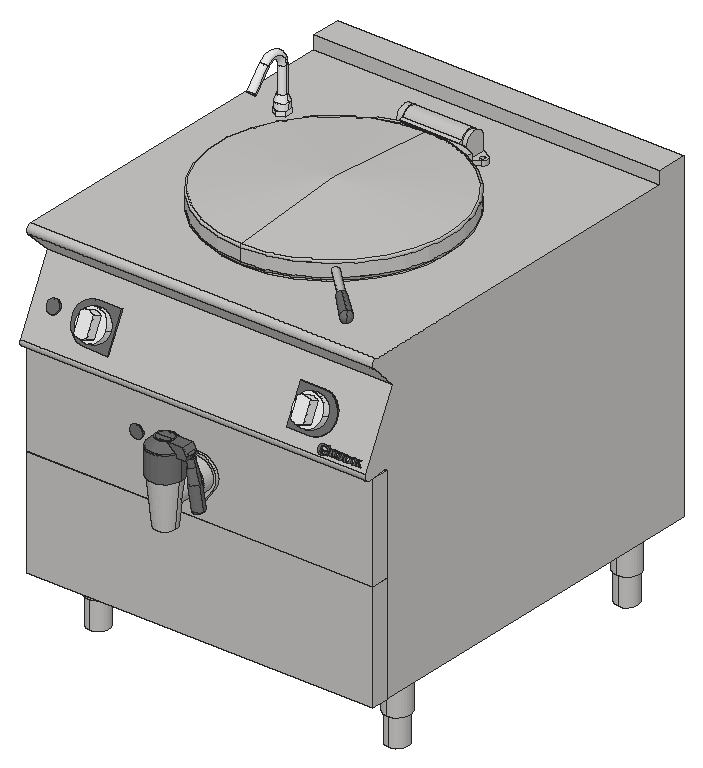
Revit family "QF_GIORIK_PEI910", category Specialty Equipment, Revit 2014
Parameters (values of type "PEI910")
  Weight in Pounds = 396.8316
  Watts = 21000 W
  Waste Water Discharge Temperature [instance] = 0 °C
  Volts = 400 V
  URL Cutsheet = "www.giorik.com"
  URL = "www.giorik.com"
  Status [instance] = ""
  Specification by User [instance] = ""
  Specification by Manufacturer = ""
  Show Logo [instance] = yes
  Show Clearance [instance] = yes
  Serial Number = ""
  Seismic Rating = ""
  SMACNA No = ""
  Revision Code [instance] = ""
  Plumbing Remarks [instance] = ""
  Plumbing Connection Type [instance] = ""
  Phase = 3
  Number of Poles [instance] = 3
  NAFEM Spec ID Number = ""
  Model = "PEI910"
  Min Ckt Ampacity = 0 A
  Max Overcurrent Protection = 0 A
  Masterspec = ""
  Manufacturer = "GIORIK"
  Item Number [instance] = ""
  Installed By [instance] = ""
  Indirect Waste Size = 3/4"
  Indirect Waste Flow = 0.0 L/s
  Indirect Waste Connection Type [instance] = ""
  Indirect Waste Connection Height [instance] = 150 mm
  Identify Quantity as Lot [instance] = no
  Hot Water Temperature = 0 °C
  Hot Water Size = 1/2"
  Hot Water RI Height [instance] = 0 mm
  Hot Water Minimum Pressure = 20000.0 Pa
  Hot Water Maximum Pressure = 50000.0 Pa
  Hot Water Flow = 0.0 L/s
  Hot Water Consumption = 0.0 L/s
  Hot Water Connection Height = 150 mm
  HP = "28.161420000000"
  Furnished By [instance] = ""
  Foodservice Equipment Identifier [instance] = yes
  FL Amps = 0 A
  Electrical Remarks [instance] = ""
  Electric Connection Type [instance] = ""
  Elec Conn RI Height [instance] = 0 mm
  Elec Conn Connection Height [instance] = 150 mm
  Description = "100 LITRE ELECTRIC BOILING PAN - INDIRECT HEATING VERSION."
  Cycle = 50 Hz
  Conn Plug = ""
  Conn Conduit [instance] = no
  Cold Water Temperature Recommended = 0 °C
  Cold Water Size = 1/2"
  Cold Water RI Height [instance] = 150 mm
  Cold Water Minimum Pressure = 20000.0 Pa
  Cold Water Maximum Pressure = 50000.0 Pa
  Cold Water Flow [instance] = 0.0 L/s
  Cold Water Consumption [instance] = ""
  Cold Water Connection Height [instance] = 150 mm
  CSI MasterFormat = ""
  Assembly Code = "E1090320"
  Apparent Power = 21000 VA
Reference planes
  plane 1 "Back": y = 0
  plane 2: z = 0
  plane 3 "Left": x = 0
  plane 4 "Right": x = 800
  plane 5 "Front": y = -920
  plane 6 "Top": z = 900
Forms (mm)
  Extrusion 1, solid
    sketch origin (816, 1025.81, 0) x (-1, 0, 0) y (0, -1, 0)
      loop
        line (25, 1086.81) -> (115, 1086.81) -> (115, 1156.81) -> (25, 1156.81) -> (25, 1086.81)
    from 148 to 150
  Extrusion 2, solid
    sketch origin (816, 360.81, 0) x (-1, 0, 0) y (0, -1, 0)
      loop
        line (25, 1086.81) -> (115, 1086.81) -> (115, 1156.81) -> (25, 1156.81) -> (25, 1086.81)
    from 148 to 150
  Revolve 3, solid
    sketch origin (746, 360.81, 0) x (0, 1, 0) y (0, 0, 1)
      loop
        line (-1092.56, 66) -> (-1092.56, 148) -> (-1121.81, 148) -> (-1121.81, 0) -> (-1096.81, 0) -> (-1096.81, 66) -> (-1092.56, 66)
      axis (-1121.81, 0) -> (-1121.81, 148)
    angle from 0 to 360
  Revolve 4, solid
    sketch origin (746, 1025.81, 0) x (0, 1, 0) y (0, 0, 1)
      loop
        line (-1092.56, 66) -> (-1092.56, 148) -> (-1121.81, 148) -> (-1121.81, 0) -> (-1096.81, 0) -> (-1096.81, 66) -> (-1092.56, 66)
      axis (-1121.81, 0) -> (-1121.81, 148)
    angle from 0 to 360
  Extrusion 5, solid
    sketch origin (124, 1025.81, 0) x (-1, 0, 0) y (0, -1, 0)
      loop
        line (25, 1086.81) -> (115, 1086.81) -> (115, 1156.81) -> (25, 1156.81) -> (25, 1086.81)
    from 148 to 150
  Extrusion 6, solid
    sketch origin (124, 360.81, 0) x (-1, 0, 0) y (0, -1, 0)
      loop
        line (25, 1086.81) -> (115, 1086.81) -> (115, 1156.81) -> (25, 1156.81) -> (25, 1086.81)
    from 148 to 150
  Revolve 7, solid
    sketch origin (54, 360.81, 0) x (0, 1, 0) y (0, 0, 1)
      loop
        line (-1092.56, 66) -> (-1092.56, 148) -> (-1121.81, 148) -> (-1121.81, 0) -> (-1096.81, 0) -> (-1096.81, 66) -> (-1092.56, 66)
      axis (-1121.81, 0) -> (-1121.81, 148)
    angle from 0 to 360
  Revolve 8, solid
    sketch origin (54, 1025.81, 0) x (0, 1, 0) y (0, 0, 1)
      loop
        line (-1092.56, 66) -> (-1092.56, 148) -> (-1121.81, 148) -> (-1121.81, 0) -> (-1096.81, 0) -> (-1096.81, 66) -> (-1092.56, 66)
      axis (-1121.81, 0) -> (-1121.81, 148)
    angle from 0 to 360
  Revolve 9, solid
    sketch origin (400, -1035.878, 30.013) x (0, 1, 0) y (0, 0, 1)
      loop
        line (263, 839.987) -> (523.5, 839.987) -> (523.5, 911.488)
        arc (523.5, 911.488) -> (389.852, 905.568) -> (257.251, 887.853) r 1511.497
        arc (257.251, 887.853) -> (254.241, 886.302) -> (253.5, 882.997) r 4
        line (253.5, 882.997) -> (253.5, 853.492)
        arc (253.5, 853.492) -> (254.572, 849.465) -> (258.468, 847.987) r 4.564
        line (258.468, 847.987) -> (263, 847.987) -> (263, 839.987)
      axis (523.5, 911.488) -> (523.5, 839.987)
    angle from 0 to 360
  Extrusion 10, solid
    sketch origin (331, -1525.878, 20.013) x (0, 1, 0) y (0, 0, 1)
      loop
        line (1291, 862) -> (1321, 862)
        arc (1321, 862) -> (1341.196, 898.967) -> (1299.177, 895.988) r 24
        arc (1299.177, 895.988) -> (1295.549, 893.05) -> (1291, 892) r 10.377
        line (1291, 892) -> (1291, 862)
    from 0 to 138
  Extrusion 11, solid
    sketch origin (319, -1525.878, 20.013) x (0, 1, 0) y (0, 0, 1)
      loop
        line (1297, 850) -> (1345, 850) -> (1345, 886)
        arc (1345, 886) -> (1321, 910) -> (1297, 886) r 24
        line (1297, 886) -> (1297, 850)
    from 0 to 12
  Extrusion 12, solid
    sketch origin (0, -1525.878, 870.013) x (0, 1, 0) y (-1, 0, 0)
      loop
        line (1345, -319) -> (1330.367, -295.233)
        arc (1330.367, -295.233) -> (1321, -290) -> (1311.633, -295.233) r 11
        line (1311.633, -295.233) -> (1297, -319) -> (1345, -319)
      loop
        circle (1321, -301) r 5.5
    from 0 to 9
  Extrusion 13, solid
    sketch origin (800, -1525.878, 870.013) x (0, 1, 0) y (-1, 0, 0)
      loop
        line (1345, 319) -> (1297, 319) -> (1311.633, 295.233)
        arc (1311.633, 295.233) -> (1321, 290) -> (1330.367, 295.233) r 11
        line (1330.367, 295.233) -> (1345, 319)
      loop
        circle (1321, 301) r 5.5
    from 0 to 9
  Extrusion 14, solid
    sketch origin (469, -1525.878, 20.013) x (0, 1, 0) y (0, 0, 1)
      loop
        line (1297, 850) -> (1345, 850) -> (1345, 886)
        arc (1345, 886) -> (1321, 910) -> (1297, 886) r 24
        line (1297, 886) -> (1297, 850)
    from 0 to 12
  Extrusion 15, solid
    sketch origin (-20, -900, -21.499) x (1, 0, 0) y (0, 0, 1)
      loop
        arc (455.029, 495.06) -> (420, 563) -> (384.971, 495.06) r 43
        line (384.971, 495.06) -> (408.595, 461.88)
        arc (408.595, 461.88) -> (420, 456) -> (431.405, 461.88) r 14
        line (431.405, 461.88) -> (455.029, 495.06)
      loop
        circle (420, 470) r 5
    from 0 to 6
  Revolve 16, solid
    sketch origin (-20, -1000, -21.499) x (1, 0, 0) y (0, 0, 1)
      loop
        line (420, 560) -> (420, 490) -> (440, 490) -> (440, 454) -> (445, 454) -> (454.5, 560) -> (420, 560)
      axis (420, 454) -> (420, 560)
    angle from 0 to 360
  Revolve 17, solid
    sketch origin (-20, -1000, -21.499) x (1, 0, 0) y (0, 0, 1)
      loop
        line (420, 560) -> (459.015, 560) -> (459.015, 618.943)
        arc (459.015, 618.943) -> (458.824, 619.904) -> (458.279, 620.718) r 2.507
        line (458.279, 620.718) -> (440.712, 638.268)
        arc (440.712, 638.268) -> (439.901, 638.81) -> (438.944, 639) r 2.5
        line (438.944, 639) -> (420, 639) -> (420, 560)
      axis (420, 560) -> (420, 639)
    angle from 0 to 360
  Revolve 18, solid
    sketch origin (400, -100, -21.499) x (0, 1, 0) y (0, 0, 1)
      loop
        line (-900, 520) -> (-806, 520) -> (-806, 556) -> (-833.409, 556)
        arc (-833.409, 556) -> (-835.601, 555.494) -> (-837.349, 554.078) r 5
        line (-837.349, 554.078) -> (-839.034, 551.922)
        arc (-839.034, 551.922) -> (-840.782, 550.506) -> (-842.974, 550) r 5
        line (-842.974, 550) -> (-900, 550) -> (-900, 520)
      axis (-806, 520) -> (-900, 520)
    angle from 0 to 360
  Extrusion 19, solid
    sketch origin (0, -35.878, 882.013) x (0, 1, 0) y (-1, 0, 0)
      loop
        line (-213.194, -290.935) -> (-227.053, -296.675)
        arc (-227.053, -296.675) -> (-206.785, -400) -> (-227.053, -503.325) r 273.514
        line (-227.053, -503.325) -> (-213.194, -509.065)
        arc (-213.194, -509.065) -> (-204.722, -487.451) -> (-199, -464.952) r 186.513
        line (-199, -464.952) -> (-199, -335.048)
        arc (-199, -335.048) -> (-204.722, -312.549) -> (-213.194, -290.935) r 186.513
    from 0 to 30
  Extrusion 20, solid
    sketch origin (0, 1000, -19.915) x (0, 1, 0) y (0, 0, 1)
      loop
        line (-1000, 919.915) -> (-1070, 919.915) -> (-1070, 889.915) -> (-1888.806, 889.915)
        arc (-1888.806, 889.915) -> (-1898.967, 883.461) -> (-1897.445, 871.521) r 11.226
        line (-1897.445, 871.521) -> (-1840.876, 814.952) -> (-1918.948, 661.185)
        arc (-1918.948, 661.185) -> (-1918.233, 650.033) -> (-1908.118, 645.281) r 10.981
        line (-1908.118, 645.281) -> (-1860, 649.852) -> (-1860, 170) -> (-1000, 170) -> (-1000, 919.915)
    from 0 to 800
  Extrusion 21, solid
    sketch origin (820, -985, -21.499) x (-1, 0, 0) y (0, 0, -1)
      loop
        line (368, -639) -> (420, -639) -> (420, -614) -> (364, -614)
        arc (364, -614) -> (359.031, -616.301) -> (358, -621.679) r 6
        line (358, -621.679) -> (368, -639)
    from 0 to 30
  Revolve 22, solid
    sketch origin (820, -1000, -21.499) x (-1, 0, 0) y (0, 0, -1)
      loop
        line (365.701, -595.491) -> (367.06, -595.251) -> (364.458, -563.216) -> (355.081, -510.037)
        arc (355.081, -510.037) -> (353.847, -508.1) -> (351.605, -507.603) r 3
        line (351.605, -507.603) -> (342.25, -509.253) -> (357.704, -596.901) -> (361.964, -621.057) -> (364.84, -620.55) -> (363.426, -612.529) -> (368.546, -611.626) -> (365.701, -595.491)
      axis (361.964, -621.057) -> (342.25, -509.253)
    angle from 0 to 360
  Extrusion 23, solid
    sketch origin (820, -990, -21.499) x (-1, 0, 0) y (0, 0, -1)
      loop
        arc (360.934, -626.761) -> (371.174, -617.461) -> (358, -621.679) r 7.078
        line (358, -621.679) -> (360.934, -626.761)
    from 0 to 20
  Extrusion 24, solid
    sketch origin (0, -887.576, 0) x (1, 0, 0) y (0, 0, 1)
      loop
        circle (254.679, 532.341) r 15
    from 12.424 to 14.424
  Extrusion 25, solid
    sketch origin (-6.328, -1211.709, 64.567) x (1, 0, 0) y (0, 0.452718, 0.891654)
      loop
        circle (55.091, 725.192) r 15
    from 0 to 2
  Extrusion 26, solid
    sketch origin (-202.569, -1214.126, 65.696) x (1, 0, 0) y (0, 0.45351, 0.891251)
      loop
        circle (351.331, 721.346) r 35
    from 0 to 15
  Extrusion 27, solid
    sketch origin (-202.569, -1214.126, 65.696) x (1, 0, 0) y (0, 0.45351, 0.891251)
      loop
        line (336.331, 743.846) -> (336.331, 698.846)
        arc (336.331, 698.846) -> (351.331, 693.846) -> (366.331, 698.846) r 25
        line (366.331, 698.846) -> (366.331, 743.846)
        arc (366.331, 743.846) -> (351.331, 748.846) -> (336.331, 743.846) r 25
    from 15 to 40
  Extrusion 28, solid
    sketch origin (-270.935, -1168.775, 43.101) x (1, 0, 0) y (0, 0.452718, 0.891654)
      loop
        line (463.221, 676.25) -> (463.221, 766.25) -> (409.698, 766.25)
        arc (409.698, 766.25) -> (364.698, 721.25) -> (409.698, 676.25) r 45
        line (409.698, 676.25) -> (463.221, 676.25)
    from 48 to 50
  Extrusion 29, solid
    sketch origin (1002.569, -1214.126, 65.696) x (-1, 0, 0) y (0, -0.45351, -0.891251)
      loop
        circle (351.331, -721.346) r 35
    from 0 to 15
  Extrusion 30, solid
    sketch origin (1002.569, -1214.126, 65.696) x (-1, 0, 0) y (0, -0.45351, -0.891251)
      loop
        arc (336.331, -743.846) -> (351.331, -748.846) -> (366.331, -743.846) r 25
        line (366.331, -743.846) -> (366.331, -698.846)
        arc (366.331, -698.846) -> (351.331, -693.846) -> (336.331, -698.846) r 25
        line (336.331, -698.846) -> (336.331, -743.846)
    from 15 to 40
  Extrusion 31, solid
    sketch origin (1070.935, -1168.775, 43.101) x (-1, 0, 0) y (0, -0.452718, -0.891654)
      loop
        line (463.221, -676.25) -> (409.698, -676.25)
        arc (409.698, -676.25) -> (364.698, -721.25) -> (409.698, -766.25) r 45
        line (409.698, -766.25) -> (463.221, -766.25) -> (463.221, -676.25)
    from 48 to 50
  Extrusion 32, solid, visible <- "Show Logo"
    sketch origin (591.604, -936.761, 608.448) x (-1, 0, 0) y (0, 0.452718, 0.891654)
      loop
        line (-118.824, 58.358) -> (-127.804, 58.358) -> (-125.523, 56.445) -> (-125.523, 48.027) -> (-127.804, 46.113) -> (-118.824, 46.113) -> (-121.105, 48.027) -> (-121.105, 56.445) -> (-118.824, 58.358)
      loop
        line (-163.721, 58.358) -> (-172.7, 58.358) -> (-170.42, 56.445) -> (-170.42, 48.027) -> (-172.7, 46.113) -> (-163.721, 46.113) -> (-166.001, 48.027) -> (-166.001, 56.445) -> (-163.721, 58.358)
      loop
        line (-174.332, 58.358) -> (-183.312, 58.358) -> (-181.031, 56.445) -> (-181.031, 52.435) -> (-186.419, 56.955) -> (-184.416, 58.358) -> (-191.268, 58.358) -> (-188.01, 56.839) -> (-185.455, 54.283) -> (-190.846, 47.858) -> (-193.396, 46.93) -> (-193.396, 46.113) -> (-184.416, 46.113) -> (-185.437, 47.571) -> (-182.443, 51.552) -> (-181.031, 50.894) -> (-181.031, 48.027) -> (-183.312, 46.113) -> (-174.332, 46.113) -> (-176.613, 48.027) -> (-176.613, 56.445) -> (-174.332, 58.358)
      loop
        line (-115.429, 62.063) -> (-115.429, 54.198)
        arc (-115.429, 54.198) -> (-111.618, 57.803) -> (-106.847, 59.986) r 16.039
        arc (-106.847, 59.986) -> (-103.314, 59.837) -> (-100.512, 57.68) r 5.851
        arc (-100.512, 57.68) -> (-98.815, 52.267) -> (-100.512, 46.853) r 9.479
        arc (-100.512, 46.853) -> (-102.406, 44.986) -> (-104.846, 43.93) r 7.236
        arc (-104.846, 43.93) -> (-107.728, 44.111) -> (-110.052, 45.825) r 5.11
        line (-110.052, 45.825) -> (-110.052, 52.001) -> (-116.141, 52.001) -> (-116.141, 45.503) -> (-117.893, 43.751) -> (-114.094, 44.769)
        arc (-114.094, 44.769) -> (-112.56, 44.947) -> (-111.129, 44.366) r 3.115
        arc (-111.129, 44.366) -> (-104.216, 42.091) -> (-97.303, 44.366) r 11.641
        arc (-97.303, 44.366) -> (-93.396, 52.107) -> (-97.303, 59.849) r 9.622
        arc (-97.303, 59.849) -> (-104.369, 62.174) -> (-111.435, 59.849) r 11.898
        line (-111.435, 59.849) -> (-115.429, 62.063)
      loop
        arc (-129.234, 56.068) -> (-135.893, 58.628) -> (-142.552, 56.068) r 9.941
        arc (-142.552, 56.068) -> (-144.234, 52.286) -> (-142.552, 48.505) r 5.093
        arc (-142.552, 48.505) -> (-135.893, 45.945) -> (-129.234, 48.505) r 9.941
        arc (-129.234, 48.505) -> (-127.552, 52.286) -> (-129.234, 56.068) r 5.093
      loop
        arc (-132.628, 54.403) -> (-135.893, 57.668) -> (-139.158, 54.403) r 3.265
        line (-139.158, 54.403) -> (-139.158, 50.169)
        arc (-139.158, 50.169) -> (-135.893, 46.904) -> (-132.628, 50.169) r 3.265
        line (-132.628, 50.169) -> (-132.628, 54.403)
      loop
        arc (-156.363, 58.365) -> (-159.647, 55.081) -> (-156.363, 51.796) r 3.285
        line (-156.363, 51.796) -> (-159.529, 47.306) -> (-162.087, 46.113) -> (-155.847, 46.113) -> (-153.529, 51.083) -> (-150.637, 51.083) -> (-150.637, 47.784) -> (-153.022, 46.113) -> (-144.011, 46.113) -> (-146.094, 47.68) -> (-146.094, 56.493) -> (-144.229, 58.365) -> (-156.363, 58.365)
      loop
        line (-150.637, 57.512) -> (-153.637, 57.512)
        arc (-153.637, 57.512) -> (-156.237, 54.912) -> (-153.637, 52.312) r 2.6
        line (-153.637, 52.312) -> (-150.637, 52.312) -> (-150.637, 57.512)
      loop
        line (-108.924, 52.001) -> (-104.936, 49.005) -> (-100.948, 52.001) -> (-108.924, 52.001)
    from 1.5 to -0.5
  Revolve 33, solid
    sketch origin (735, -285.878, -15) x (-1, 0, 0) y (0, 0, -1)
      loop
        line (635, -895) -> (635, -925) -> (645, -925) -> (650, -910) -> (650, -895) -> (635, -895)
      axis (635, -925) -> (635, -895)
    angle from 0 to 360
  Sweep 34, solid
    path origin (100, -48.878, -15) x (0, 1, 0) y (0, 0, -1)
      loop
        line (-237, -925) -> (-237, -986.382)
        arc (-237, -986.382) -> (-256.494, -1014.482) -> (-289.641, -1006.064) r 30
        line (-289.641, -1006.064) -> (-326.852, -963.258)
    profile origin (100, -285.878, 940.691) x (0, 1, 0) y (-1, 0, 0)
      loop
        circle (0, 0) r 9
  Extrusion 35, solid
    sketch origin (1534.526, 259.652, 885) x (0.975272, 0.221007, 0) y (-0.221007, 0.975272, 0)
      loop
        line (-1502.427, -209.668) -> (-1515.641, -197.445) -> (-1532.833, -202.777) -> (-1536.811, -220.332) -> (-1523.598, -232.555) -> (-1506.406, -227.223) -> (-1502.427, -209.668)
    from -15 to -5
  Extrusion 36, solid
    sketch origin (0, -200, 0) x (0, 1, 0) y (0, 0, 1)
      loop
        line (-660, 624.427) -> (-700, 624.427) -> (-700, 401.427) -> (-660, 401.427) -> (-660, 624.427)
    from 0 to 800
  Extrusion 37, solid
    sketch origin (0, -200, -240) x (0, 1, 0) y (0, 0, 1)
      loop
        line (-660, 640) -> (-700, 640) -> (-700, 390) -> (-660, 390) -> (-660, 640)
    from 0 to 800
  Extrusion 38, solid
    sketch origin (130, -300, 100.085) x (0, 1, 0) y (-1, 0, 0)
      loop
        circle (0, 0) r 6.5
    from 30 to 50
  Extrusion 39, solid
    sketch origin (50, -456, 100.085) x (0, 1, 0) y (-1, 0, 0)
      loop
        circle (-160, 0) r 12.5
    from 30 to 50
  Extrusion 40, solid
    sketch origin (104, -257, 100.085) x (0, 1, 0) y (-1, 0, 0)
      loop
        circle (-70, 0) r 6.5
    from 30 to 50
  Extrusion 41, solid, visible <- "Show Clearance", detail levels coarse
    sketch origin (130, -100, 70.961) x (0, 1, 0) y (0, 0, 1)
      loop
        arc (-80.878, 1446.904) -> (-506.111, 1271.7) -> (-682.378, 846.906) r 600
        line (-682.378, 846.906) -> (-80.878, 846.906) -> (-80.878, 1446.904)
    from 0 to 540
  Extrusion 42, solid
    sketch origin (170, -585, 900) x (0, 1, 0) y (-1, 0, 0)
      loop
        circle (0, 0) r 12.5
    from -750 to -769.915
  Revolve 43, solid
    sketch origin (160.983, -309.817, -52.393) x (-0.707107, 0.707107, 0) y (0, 0, -1)
      loop
        line (-671.931, -950.485) -> (-763.471, -950.485)
        arc (-763.471, -950.485) -> (-759.812, -959.317) -> (-750.98, -962.976) r 12.491
        line (-750.98, -962.976) -> (-671.931, -960.125) -> (-671.931, -950.485)
      axis (-671.931, -950.485) -> (-763.471, -950.485)
    angle from 0 to 360
  Extrusion 44, solid
    sketch origin (1359.702, -377.165, -52.393) x (-0.707107, -0.707107, 0) y (0, 0, -1)
      loop
        circle (800, -950.485) r 7.5
    from -223.314 to -315.051
Lines and regions (mm)
  symbolic lines, style "200-EquipBorder-2D"
    curve 1: line (0, -920, 0) -> (800, -920, 0)
    curve 2: line (800, -920, 0) -> (800, 0, 0)
    curve 3: line (800, 0, 0) -> (0, 0, 0)
    curve 4: line (0, 0, 0) -> (0, -920, 0)
    curve 40: arc (436.017, -985, 900) -> (360.985, -1000, 900) -> (436.017, -1015, 900) r 39.015
    curve 41: line (400, -1015, 900) -> (462.241, -1015, 900)
    curve 42: line (400, -985, 900) -> (400, -1015, 900)
    curve 43: line (462.241, -985, 900) -> (400, -985, 900)
    curve 44: line (462.241, -985, 900) -> (462.241, -1015, 900)
    curve 45: line (430.006, -975.063, 900) -> (430.006, -943.838, 900)
    curve 46: line (435.935, -933.569, 900) -> (435.935, -920, 900)
    curve 47: line (369.994, -975.063, 900) -> (369.994, -943.838, 900)
    curve 48: line (364.008, -933.469, 900) -> (364.008, -920, 900)
    curve 49: arc (369.994, -943.838, 900) -> (369.061, -940.356, 900) -> (366.512, -937.806, 900) r 6.965
    curve 50: arc (366.512, -937.806, 900) -> (364.679, -935.973, 900) -> (364.008, -933.469, 900) r 5.008
    curve 51: arc (430.006, -943.838, 900) -> (430.791, -940.279, 900) -> (433.481, -937.819, 900) r 6.041
    curve 52: arc (433.481, -937.819, 900) -> (435.38, -936.082, 900) -> (435.935, -933.569, 900) r 4.265
    curve 53: line (477.501, -987.499, 900) -> (467.858, -987.499, 900)
    curve 54: line (467.858, -1012.499, 900) -> (477.501, -1012.499, 900)
    curve 55: arc (477.501, -1012.499, 900) -> (490.001, -999.999, 900) -> (477.501, -987.499, 900) r 12.5
    curve 56: arc (467.858, -987.499, 900) -> (464.972, -987.837, 900) -> (462.241, -988.832, 900) r 12.5
    curve 57: arc (462.241, -1011.166, 900) -> (464.972, -1012.162, 900) -> (467.858, -1012.499, 900) r 12.5
    curve 73: line (163.763, -932.843, 900) -> (163.763, -920, 900)
    curve 74: arc (163.763, -932.843, 900) -> (148.758, -935.182, 900) -> (133.763, -932.783, 900) r 48.682
    curve 75: arc (636.237, -932.843, 900) -> (651.241, -935.173, 900) -> (666.237, -932.801, 900) r 49.042
    curve 76: line (636.237, -932.843, 900) -> (636.237, -920, 900)
    curve 77: line (133.763, -932.783, 900) -> (133.763, -920, 900)
    curve 78: line (666.237, -932.801, 900) -> (666.237, -920, 900)
  symbolic lines, style "200-EquipInternal-2D"
    curve 5: line (171.031, -35, 900) -> (629, -35, 900)
    curve 6: line (629, -32, 900) -> (171.031, -32, 900)
    curve 7: line (168, -25, 900) -> (632, -25, 900)
    curve 8: line (632, -22, 900) -> (168, -22, 900)
    curve 9: line (165, -15, 900) -> (635, -15, 900)
    curve 10: line (635, -12, 900) -> (165, -12, 900)
    curve 11: line (168, -22, 900) -> (168, -25, 900)
    curve 12: line (171.031, -32, 900) -> (171.031, -35, 900)
    curve 13: line (165, -12, 900) -> (165, -15, 900)
    curve 14: line (635, -15, 900) -> (635, -12, 900)
    curve 15: line (632, -25, 900) -> (632, -22, 900)
    curve 16: line (629, -35, 900) -> (629, -32, 900)
    curve 17: line (0, -70, 900) -> (800, -70, 900)
    curve 18: arc (400, -782.378, 900) -> (130, -512.378, 900) -> (400, -242.378, 900) r 270
    curve 19: arc (400, -246.129, 900) -> (133.751, -512.378, 900) -> (400, -778.627, 900) r 266.249
    curve 20: arc (400, -778.627, 900) -> (666.249, -512.378, 900) -> (400, -246.129, 900) r 266.249
    curve 21: arc (400, -242.378, 900) -> (670, -512.378, 900) -> (400, -782.378, 900) r 270
    curve 22: line (290.935, -249.072, 900) -> (296.675, -262.931, 900)
    curve 23: arc (335.048, -234.878, 900) -> (312.549, -240.6, 900) -> (290.935, -249.072, 900) r 186.513
    curve 24: line (295.233, -214.245, 900) -> (319, -228.878, 900)
    curve 25: arc (295.233, -195.511, 900) -> (290, -204.878, 900) -> (295.233, -214.245, 900) r 11
    curve 26: line (319, -180.878, 900) -> (295.233, -195.511, 900)
    curve 27: arc (301, -199.378, 900) -> (306.5, -204.878, 900) -> (301, -210.378, 900) r 5.5
    curve 28: arc (301, -210.378, 900) -> (295.5, -204.878, 900) -> (301, -199.378, 900) r 5.5
    curve 29: line (481, -180.878, 900) -> (319, -180.878, 900)
    curve 30: line (319, -228.878, 900) -> (331, -228.878, 900)
    curve 31: line (469, -234.878, 900) -> (331, -234.878, 900)
    curve 32: line (469, -228.878, 900) -> (481, -228.878, 900)
    curve 33: line (481, -228.878, 900) -> (504.767, -214.245, 900)
    curve 34: arc (499, -210.378, 900) -> (493.5, -204.878, 900) -> (499, -199.378, 900) r 5.5
    curve 35: arc (499, -199.378, 900) -> (504.5, -204.878, 900) -> (499, -210.378, 900) r 5.5
    curve 36: arc (504.767, -214.245, 900) -> (510, -204.878, 900) -> (504.767, -195.511, 900) r 11
    curve 37: line (504.767, -195.511, 900) -> (481, -180.878, 900)
    curve 38: line (469, -234.878, 900) -> (469, -228.878, 900)
    curve 39: line (331, -234.878, 900) -> (331, -228.878, 900)
    curve 58: line (84.412, -276.878, 900) -> (84.412, -294.878, 900)
    curve 59: line (100, -267.878, 900) -> (84.412, -276.878, 900)
    curve 60: line (115.588, -276.878, 900) -> (100, -267.878, 900)
    curve 61: line (115.588, -294.878, 900) -> (115.588, -276.878, 900)
    curve 62: arc (91, -285.878, 900) -> (100, -276.878, 900) -> (109, -285.878, 900) r 9
    curve 63: spline (109, -375.73, 900) -> (108.693, -377.488, 900) -> (107.794, -379.126, 900) -> (106.364, -380.533, 900) -> (104.5, -381.612, 900) -> (102.329, -382.291, 900) -> (100, -382.522, 900) -> (97.671, -382.291, 900) -> (95.5, -381.612, 900) -> (93.636, -380.533, 900) -> (92.206, -379.126, 900) -> (91.307, -377.488, 900) -> (91, -375.73, 900)
    curve 64: line (109, -285.878, 900) -> (109, -375.73, 900)
    curve 65: line (91, -375.73, 900) -> (91, -285.878, 900)
    curve 66: line (84.412, -294.878, 900) -> (91, -298.682, 900)
    curve 67: line (109, -298.682, 900) -> (115.588, -294.878, 900)
    curve 68: arc (509.065, -249.072, 900) -> (487.451, -240.6, 900) -> (464.952, -234.878, 900) r 186.513
    curve 69: line (503.325, -262.931, 900) -> (509.065, -249.072, 900)
    curve 70: arc (115, -285.878, 900) -> (113.416, -292.586, 900) -> (109, -297.878, 900) r 15
    curve 71: arc (85, -285.878, 900) -> (100, -270.878, 900) -> (115, -285.878, 900) r 15
    curve 72: arc (91, -297.878, 900) -> (86.584, -292.586, 900) -> (85, -285.878, 900) r 15
    curve 79: line (642.926, -778.127, 900) -> (629.294, -791.759, 900)
    curve 80: line (629.294, -791.759, 900) -> (683.174, -849.672, 900)
    curve 81: line (642.926, -778.127, 900) -> (700.839, -832.008, 900)
    curve 82: arc (700.839, -832.008, 900) -> (700.831, -849.665, 900) -> (683.174, -849.672, 900) r 12.491
    curve 83: line (641.413, -779.64, 900) -> (576.546, -714.773, 900)
    curve 84: line (630.807, -790.247, 900) -> (565.939, -725.379, 900)
Dimensions and locks
  plane 3 "Left" to plane 4 "Right" = 800 mm
  plane 5 "Front" to plane 1 "Back" = 920 mm
  plane 4 "Right" to plane 3 "Left" = 800 mm
  plane 1 "Back" to plane 5 "Front" = 920 mm
  plane 6 "Top" to level = 900 mm  (x2)
  aligned and locked: level to plane 2
Connectors
  piping at (130, -300, 130.085), diameter 12.7, driven by "Hot Water Size", driven by "Hot Water Flow"
    settings: on Extrusion 38, index 1, connector inside diameter 24", connector length 0 mm, flow factor 0, pipe flow 0.0 L/s, pressure drop 0.0 Pa, fitting loss kfactor 0, connector angle 0.00°, fixture units 0, engagement length 0 mm, angle of deflection 0.00°, flow configuration 1, flow direction 1, fitting loss method 0, system type 19, joint type 0, gender type 0, connector reference index -1, connector utility 0, adjustable connector no, is connector primary yes, connector description "Hot Water Inlet"
  piping at (104, -327, 130.085), diameter 12.7, driven by "Cold Water Size", driven by "Cold Water Flow"
    settings: on Extrusion 40, index 2, connector inside diameter 24", connector length 0 mm, flow factor 0, pipe flow 0.0 L/s, pressure drop 0.0 Pa, fitting loss kfactor 0, connector angle 0.00°, fixture units 0, engagement length 0 mm, angle of deflection 0.00°, flow configuration 1, flow direction 1, fitting loss method 0, system type 20, joint type 0, gender type 0, connector reference index -1, connector utility 0, adjustable connector no, is connector primary no, connector description "Cold Water Inlet"
  piping at (170, -585, 130.085), diameter 19.05, driven by "Indirect Waste Size", driven by "Indirect Waste Flow"
    settings: on Extrusion 42, index 4, connector inside diameter 24", connector length 0 mm, flow factor 0, pipe flow 0.0 L/s, pressure drop 0.0 Pa, fitting loss kfactor 0, connector angle 0.00°, fixture units 0, engagement length 0 mm, angle of deflection 0.00°, flow configuration 1, flow direction 2, fitting loss method 0, system type 16, joint type 0, gender type 0, connector reference index -1, connector utility 0, adjustable connector no, is connector primary no, connector description "Drain connection"
  electrical at (50, -616, 130.085), driven by "Apparent Power", driven by "Volts", driven by "Number of Poles"
    settings: on Extrusion 39, index 5, voltage 400 V, apparent load 0 VA, apparent load phase1 21000 VA, apparent load phase2 0 VA, apparent load phase3 0 VA, power factor 1, load classification "Other", number of poles 3, system type 31, power factor state 1, is connector primary yes, connector utility no, sub classification motor no, connector description "Electrical connection"
